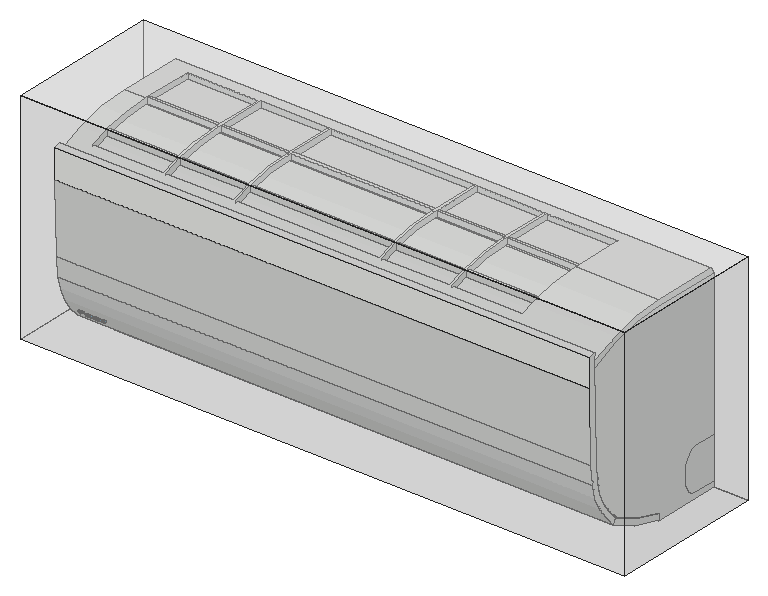
Revit family "outputfile", category 機械設備, Revit 2024
Family settings
  丸型コネクタ寸法 = 半径を使用
  パーツ タイプ = 標準
  OmniClass 番号 = 23.75.10.24.21.27.27
  OmniClass タイトル = Split System Air Conditioning Units
  作業面ベース = いいえ
  常に垂直 = はい
  ロード時にボイドで切り取り = いいえ
  注釈の向きを維持 = いいえ
  共有 = いいえ
  部屋計算ポイント = いいえ
Parameters (values of type "FTKF50T2VMA")
  Description = ""
  書き出し IFC クラス(タイプ) = "IfcUnitaryEquipmentType"
  定義済み IFC タイプ(タイプ) = "AIRCONDITIONINGUNIT"
  Cost = 0
  Type Comments = ""
  Keynote = ""
  Type Image = (empty or 0)
  Assembly Code = ""
  w_wall hole = if(Width = 770.0 mm, 48.0 mm, 60.0 mm)  # 48.0 mm
  製造元 = "Daikin"
  モデル = "FTKF50T2VMA"
  switch_frequency = yes
  r_Liquid Pipe Size = Liquid Pipe Size / 2  # 3.2 mm
  r_Gas Pipe Size = Gas Pipe Size / 2  # 6.35 mm
  r_Drain Pipe Size = Drain Pipe Size / 2  # 8.0 mm
  lw_powersupply [instance] = if(Width = 770.0 mm, if(or(Rear Right Connection_refrigerant, Bottom Right Connection_refrigerant), 25.0 mm, if(or(Rear Left Connection_refrigerant, Bottom Left Connection_refrigerant), 745.0 mm, 400.0 mm)), if(Width = 990.0 mm, if(or(Rear Right Connection_refrigerant, Bottom Right Connection_refrigerant), 40.0 mm, if(or(Rear Left Connection_refrigerant, Bottom Left Connection_refrigerant), 920.0 mm, 400.0 mm)), if(or(Rear Right Connection_refrigerant, Bottom Right Connection_refrigerant), 40.0 mm, if(or(Rear Left Connection_refrigerant, Bottom Left Connection_refrigerant), 920.0 mm, 400.0 mm))))  # 400.0 mm
  lw_liquidpipe [instance] = if(Width = 770.0 mm, if(or(Rear Right Connection_refrigerant, Bottom Right Connection_refrigerant), 0.0 mm, if(or(Rear Left Connection_refrigerant, Bottom Left Connection_refrigerant), 664.0 mm, 385.0 mm)), if(Width = 990.0 mm, if(or(Rear Right Connection_refrigerant, Bottom Right Connection_refrigerant), 0.0 mm, if(or(Rear Left Connection_refrigerant, Bottom Left Connection_refrigerant), 664.0 mm + (990.0 mm - 770.0 mm), 475.0 mm)), if(or(Rear Right Connection_refrigerant, Bottom Right Connection_refrigerant), 0.0 mm, if(or(Rear Left Connection_refrigerant, Bottom Left Connection_refrigerant), 664.0 mm + (990.0 mm - 770.0 mm), 475.0 mm))))  # 385.0 mm
  lw_gaspipe [instance] = if(Width = 770.0 mm, if(or(Rear Right Connection_refrigerant, Bottom Right Connection_refrigerant), 0.0 mm, if(or(Rear Left Connection_refrigerant, Bottom Left Connection_refrigerant), 675.0 mm, if(Gas Pipe Size = 12.7 mm, 345.0 mm, 335.0 mm))), if(Width = 990.0 mm, if(or(Rear Right Connection_refrigerant, Bottom Right Connection_refrigerant), 10.0 mm, if(or(Rear Left Connection_refrigerant, Bottom Left Connection_refrigerant), 890.0 mm, if(Gas Pipe Size = 15.9 mm, 400.0 mm, 400.0 mm))), if(or(Rear Right Connection_refrigerant, Bottom Right Connection_refrigerant), 10.0 mm, if(or(Rear Left Connection_refrigerant, Bottom Left Connection_refrigerant), 890.0 mm, if(Gas Pipe Size = 15.9 mm, 400.0 mm, 400.0 mm)))))  # 345.0 mm
  lw_drainpipe [instance] = if(Width = 770.0 mm, if(or(Rear Right Connection_refrigerant, Bottom Right Connection_refrigerant), 0.0 mm, if(or(Rear Left Connection_refrigerant, Bottom Left Connection_refrigerant), 770.0 mm - 48.0 mm - 48.0 mm, 440.0 mm)), if(Width = 990.0 mm, if(or(Rear Right Connection_refrigerant, Bottom Right Connection_refrigerant), 0.0 mm, if(or(Rear Left Connection_refrigerant, Bottom Left Connection_refrigerant), 675.0 mm + (990.0 mm - 770.0 mm), 435.0 mm)), if(or(Rear Right Connection_refrigerant, Bottom Right Connection_refrigerant), 0.0 mm, if(or(Rear Left Connection_refrigerant, Bottom Left Connection_refrigerant), 675.0 mm + (990.0 mm - 770.0 mm), 435.0 mm))))  # 440.0 mm
  l_powersupply_length [instance] = if(Width = 770.0 mm, if(Right Connection_refrigerant, 400.0 mm, if(Left Connection_refrigerant, 770.0 mm - 400.0 mm, if(or(Rear Left Connection_refrigerant, Rear Right Connection_refrigerant), 15.0 mm, 50.0 mm))), if(Width = 990.0 mm, if(Right Connection_refrigerant, 400.0 mm, if(Left Connection_refrigerant, 990.0 mm - 400.0 mm, if(or(Rear Left Connection_refrigerant, Rear Right Connection_refrigerant), 15.0 mm, 50.0 mm))), if(Right Connection_refrigerant, 400.0 mm, if(Left Connection_refrigerant, 990.0 mm - 400.0 mm, if(or(Rear Left Connection_refrigerant, Rear Right Connection_refrigerant), 15.0 mm, 50.0 mm)))))  # 400.0 mm
  l_liquidpipe_length [instance] = if(Width = 770.0 mm, if(Right Connection_refrigerant, 433.0 mm, if(Left Connection_refrigerant, 337.0 mm, if(or(Rear Left Connection_refrigerant, Rear Right Connection_refrigerant), 30.0 mm, 40.0 mm))), if(Width = 990.0 mm, if(Right Connection_refrigerant, 535.0 mm, if(Left Connection_refrigerant, 455.0 mm, if(or(Rear Left Connection_refrigerant, Rear Right Connection_refrigerant), 30.0 mm, 40.0 mm))), if(Right Connection_refrigerant, 535.0 mm, if(Left Connection_refrigerant, 455.0 mm, if(or(Rear Left Connection_refrigerant, Rear Right Connection_refrigerant), 30.0 mm, 40.0 mm)))))  # 433.0 mm
  l_gaspipe_length [instance] = if(Width = 770.0 mm, if(Right Connection_refrigerant, if(Gas Pipe Size = 12.7 mm, 393.0 mm, 383.0 mm), if(Left Connection_refrigerant, if(Gas Pipe Size = 12.7 mm, 770.0 mm - 393.0 mm, 770.0 mm - 383.0 mm), if(or(Rear Left Connection_refrigerant, Rear Right Connection_refrigerant), 40.0 mm, 50.0 mm))), if(Width = 990.0 mm, if(Right Connection_refrigerant, if(Gas Pipe Size = 15.9 mm, 460.0 mm, 460.0 mm), if(Left Connection_refrigerant, if(Gas Pipe Size = 15.9 mm, 990.0 mm - 460.0 mm, 990.0 mm - 460.0 mm), if(or(Rear Left Connection_refrigerant, Rear Right Connection_refrigerant), 40.0 mm, 50.0 mm))), if(Right Connection_refrigerant, if(Gas Pipe Size = 15.9 mm, 460.0 mm, 460.0 mm), if(Left Connection_refrigerant, if(Gas Pipe Size = 15.9 mm, 990.0 mm - 460.0 mm, 990.0 mm - 460.0 mm), if(or(Rear Left Connection_refrigerant, Rear Right Connection_refrigerant), 40.0 mm, 50.0 mm)))))  # 393.0 mm
  l_drainpipe_length [instance] = if(Width = 770.0 mm, if(Right Connection_refrigerant, 488.0 mm, if(Left Connection_refrigerant, 282.0 mm, if(or(Rear Left Connection_refrigerant, Rear Right Connection_refrigerant), 15.0 mm, 20.0 mm))), if(Width = 990.0 mm, if(Right Connection_refrigerant, 495.0 mm, if(Left Connection_refrigerant, 495.0 mm, if(or(Rear Left Connection_refrigerant, Rear Right Connection_refrigerant), 15.0 mm, 20.0 mm))), if(Right Connection_refrigerant, 495.0 mm, if(Left Connection_refrigerant, 495.0 mm, if(or(Rear Left Connection_refrigerant, Rear Right Connection_refrigerant), 15.0 mm, 20.0 mm)))))  # 488.0 mm
  h*** = 0.0 mm  # constant formula
  connector_voltage = Voltage_50Hz  # 230 V
  connector_powerinput = [Power Input (Cooling)]  # 0.000 kW
  connector_phase = Phase_50Hz  # 1
  angle_vertical [instance] = if(or(Bottom Left Connection_refrigerant, Bottom Right Connection_refrigerant), 0.00°, 90.00°)  # 90.00°
  angle_horizontal [instance] = if(Right Connection_refrigerant, 90.00°, if(Left Connection_refrigerant, -90.00°, if(or(Rear Left Connection_refrigerant, Rear Right Connection_refrigerant), 180.00°, 0.00°)))  # 90.00°
  Width = 770.0 mm
  Voltage_comment_50Hz = "220 - 240"
  Voltage_50Hz = 230 V
  Version = "ver.1.0"
  Unit Type = "Wall Mounted"
  Unit Mass Weight = 9.00 kg
  Unit Designation [instance] = ""
  Uniclass2015Version = "Products v1.30"
  Uniclass2015Title = "Split coil room air conditioning units"
  Uniclass2015Code = "Pr_70_65_03_86"
  URL = ""
  Total Cooling Capacity [instance] = 0.000 kW
  Sound Pressure Level_M speed (dBA) = 41
  Sound Pressure Level_L speed (dBA) = 35
  Sound Pressure Level_H speed (dBA) = 46
  Sound Power Level_H speed (dB) = 0
  Series = "Single Split_Fan Coil Unit"
  Sensible Cooling Capacity [instance] = 0.000 kW
  Refrigerant Type = "R32"
  Power Input (Cooling) = 0.000 kW
  Phase_50Hz = 1
  Option Accessory 3 [instance] = ""
  Option Accessory 2 [instance] = ""
  Option Accessory 1 [instance] = ""
  Nominal Cooling Capacity = 5.000 kW
  Minimum Circuit Amps_50Hz = 0.0 A
  Minimum Airflow = 516.00 m³/h
  Median Airflow = 636.00 m³/h
  Maximum Fuse Amps_50Hz = 0.0 A
  Maximum Airflow = 762.00 m³/h
  Material_Casing = DAIKIN_PureWhite_Casing_indoorunit
  Load Classification = HVAC
  Liquid Pipe Size = 6.4 mm
  Link_Nested Family [instance] = ""
  IfcVersion = ""
  IfcExportType = "AIRCONDITIONINGUNIT"
  IfcExportAs = "IfcUnitaryEquipmentType"
  Height = 285.0 mm
  Heat Exchanger Type = "Cross Fin Coil"
  Gas Pipe Size = 12.7 mm
  Frequency_50Hz = 50 Hz
  Fan Type = "Cross Flow Fan"
  Fan Drive = "Direct Drive"
  FCU Tag No. [instance] = ""
  Drain Pipe Size = 16.0 mm
  Design Supply Airflow [instance] = 0.00 m³/h
  Depth = 223.0 mm
  既定の高さ = 0.0 mm
  Cooling Entering Wet Bulb Temperature [instance] = 0.00 °C
  Cooling Entering Dry Bulb Temperature [instance] = 0.00 °C
  Cooling Ambient Wet Bulb Temperature [instance] = 0.00 °C
  Cooling Ambient Dry Bulb Temperature [instance] = 0.00 °C
  Clearance visibility [instance] = yes
  Clearance Top = 30.0 mm
  Clearance Right = 50.0 mm
  Clearance Rear = 0.0 mm
  Clearance Left = 50.0 mm
  Clearance Front = 0.0 mm
  Clearance Bottom = 0.0 mm
  Bottom Right Connection_refrigerant [instance] = no
  Bottom Left Connection_refrigerant [instance] = no
  Rear Right Connection_refrigerant [instance] = no
  Rear Left Connection_refrigerant [instance] = no
  Right Connection_refrigerant [instance] = yes
  Left Connection_refrigerant [instance] = no
Reference planes
  plane 1 "Back": y = 0
  plane 2: z = 0
  plane 3 "Center (Left/Right)": x = 0
  plane 4 "Center (Front/Back)": y = -111.5
  plane 5 "Front": y = -223
  plane 6 "Left": x = -385
  plane 7 "Right": x = 385
  plane 8 "Top": z = 0
  plane 9 "Bottom": z = -285
  plane 10: x = -435
  plane 11: x = 435
  plane 12: y = 0
  plane 13: y = -223
  plane 14: z = 30
  plane 15: z = -285
  plane 16 "lw_Piping and Wiring intake": x = 337
  plane 17 "lw_gaspipe": x = -8
  plane 18 "lw_liquidpipe": x = -48
  plane 19 "lw_drainpipe": x = -103
  plane 20 "lh_drainpipe": z = -265
  plane 21 "lh_liquidpipe": z = -245
  plane 22 "lh_gaspipe": z = -235
  plane 23 "ld_drainpipe": y = -15
  plane 24 "ld_liquidpipe": y = -30
  plane 25 "ld_gaspipe": y = -40
  plane 26 "lw_powersupply": x = -15
Dimensions and locks
  equal spacing: plane 6 "Left", plane 3 "Center (Left/Right)", plane 7 "Right"
  "Width": plane 6 "Left" to plane 7 "Right"
  equal spacing: plane 5 "Front", plane 4 "Center (Front/Back)", plane 1 "Back"
  "Depth": plane 5 "Front" to plane 1 "Back"
  "Height": plane 8 "Top" to plane 9 "Bottom"
  "Clearance Rear": plane 12 to plane 1 "Back"
  "Clearance Front": plane 13 to plane 5 "Front"
  "Clearance Top": plane 14 to plane 8 "Top"
  "Clearance Bottom": plane 9 "Bottom" to plane 15
  "w_wall hole": plane 16 "lw_Piping and Wiring intake" to plane 7 "Right"
  "lw_gaspipe": plane 17 "lw_gaspipe" to plane 16 "lw_Piping and Wiring intake"
  "lw_liquidpipe": plane 18 "lw_liquidpipe" to plane 16 "lw_Piping and Wiring intake"
  "lw_drainpipe": plane 19 "lw_drainpipe" to plane 16 "lw_Piping and Wiring intake"
  locked: plane 20 "lh_drainpipe" to plane 9 "Bottom" at 20
  locked: plane 21 "lh_liquidpipe" to plane 9 "Bottom" at 40
  locked: plane 22 "lh_gaspipe" to plane 9 "Bottom" at 50
  locked: plane 23 "ld_drainpipe" to plane 1 "Back" at 15
  locked: plane 1 "Back" to plane 24 "ld_liquidpipe" at 30
  locked: plane 1 "Back" to plane 25 "ld_gaspipe" at 40
  "lw_powersupply": plane 26 "lw_powersupply" to plane 7 "Right"
  "Clearance Left": plane 10 to plane 6 "Left"
  "Clearance Right": plane 7 "Right" to plane 11
  aligned and locked: level to plane 2
  aligned and locked: plane 12 to nested 1
  aligned and locked: nested 1 to plane 13
  aligned and locked: plane 10 to nested 1
  aligned and locked: plane 11 to nested 1
  aligned and locked: plane 15 to nested 1
  aligned and locked: plane 14 to nested 1
  aligned and locked: plane 17 "lw_gaspipe" to nested 2
  aligned and locked: nested 2 to plane 25 "ld_gaspipe"
  aligned and locked: plane 18 "lw_liquidpipe" to nested 3
  aligned and locked: nested 3 to plane 24 "ld_liquidpipe"
  aligned and locked: plane 19 "lw_drainpipe" to nested 4
  aligned and locked: nested 4 to plane 23 "ld_drainpipe"
  aligned and locked: nested 5 to plane 23 "ld_drainpipe"
  aligned and locked: plane 26 "lw_powersupply" to nested 5
  aligned and locked: level to plane 8 "Top"
  aligned and locked: plane 3 "Center (Left/Right)" to nested 6
  aligned and locked: plane 1 "Back" to nested 6
  aligned and locked: plane 8 "Top" to nested 6
Nested families
  nested 1: "daikin_clearancespace" at (0, -111.5, -127.381), show <- "Clearance visibility", visible <- "Clearance visibility", Link_Nested Family <- "Link_Nested Family", type "daikin_clearancespace"
    with width 870.0 mm, show yes, height 315.0 mm, depth 223.0 mm, Link_Nested Family ""
  nested 2: "daikin_connector_rotate3" at (-8, -40, -235), angle_vertical <- "angle_vertical", angle_horizontal <- "angle_horizontal", length <- "l_gaspipe_length", radius <- "r_Gas Pipe Size", type "daikin_connector_rotate3"
    with show no, radius 6.35 mm, length 393.0 mm, angle_vertical 90.00°, angle_horizontal 90.00°
  nested 3: "daikin_connector_rotate3" at (-48, -30, -245), angle_vertical <- "angle_vertical", angle_horizontal <- "angle_horizontal", radius <- "r_Liquid Pipe Size", length <- "l_liquidpipe_length", type "daikin_connector_rotate3"
    with show no, radius 3.2 mm, length 433.0 mm, angle_vertical 90.00°, angle_horizontal 90.00°
  nested 4: "daikin_connector_rotate3" at (-103, -15, -265), angle_vertical <- "angle_vertical", angle_horizontal <- "angle_horizontal", length <- "l_drainpipe_length", radius <- "r_Drain Pipe Size", type "daikin_connector_rotate3"
    with show no, radius 8.0 mm, length 488.0 mm, angle_vertical 90.00°, angle_horizontal 90.00°
  nested 5: "daikin_connector_rotate3" at (-15, -15, -235), angle_vertical <- "angle_vertical", angle_horizontal <- "angle_horizontal", length <- "l_powersupply_length", type "daikin_connector_rotate3"
    with show no, radius 10.0 mm, length 400.0 mm, angle_vertical 90.00°, angle_horizontal 90.00°
  nested 6: "DAIKIN_indoorunit_FTKF-T2VMA" at (-31, 0, 0), type "FTKF-T2VMA"
Connectors
  piping at (385, -40, -235), diameter 12.7, driven by "r_Gas Pipe Size"
    settings: on nested 2, index 1, connector inside diameter 609.6 mm, connector length 0.0 mm, flow factor 0, pipe flow 0.00 m³/h, pressure drop 0.0 Pa, fitting loss kfactor 0, connector angle 0.00°, fixture units 0, engagement length 0.0 mm, angle of deflection 0.00°, flow configuration 1, flow direction 2, fitting loss method 0, system type 29, joint type 0, gender type 0, connector reference index -1, connector utility 0, adjustable connector no, is connector primary yes, connector description "Refrigerant Gas Piping"
  piping at (385, -30, -245), diameter 6.4, driven by "r_Liquid Pipe Size"
    settings: on nested 3, index 2, connector inside diameter 609.6 mm, connector length 0.0 mm, flow factor 0, pipe flow 0.00 m³/h, pressure drop 0.0 Pa, fitting loss kfactor 0, connector angle 0.00°, fixture units 0, engagement length 0.0 mm, angle of deflection 0.00°, flow configuration 1, flow direction 1, fitting loss method 0, system type 29, joint type 0, gender type 0, connector reference index -1, connector utility 0, adjustable connector no, is connector primary no, connector description "Refrigerant Liquid Piping"
  piping at (385, -15, -265), diameter 16, driven by "r_Drain Pipe Size"
    settings: on nested 4, index 3, connector inside diameter 609.6 mm, connector length 0.0 mm, flow factor 0, pipe flow 0.00 m³/h, pressure drop 0.0 Pa, fitting loss kfactor 0, connector angle 0.00°, fixture units 0, engagement length 0.0 mm, angle of deflection 0.00°, flow configuration 1, flow direction 2, fitting loss method 4, system type 16, joint type 0, gender type 0, connector reference index -1, connector utility 0, adjustable connector no, is connector primary no, connector description "Condensate Drain Piping"
  electrical at (385, -15, -235), driven by "Load Classification", driven by "connector_voltage", driven by "connector_powerinput", driven by "connector_phase"
    settings: on nested 5, index 4, voltage 230 V, apparent load 0 VA, apparent load phase1 0 VA, apparent load phase2 0 VA, apparent load phase3 0 VA, power factor 1, load classification "HVAC", number of poles 1, system type 30, power factor state 1, is connector primary yes, connector utility no, sub classification motor no, connector description "Power Supply"
Definition of nested family "daikin_clearancespace"
  Parameters (values of type "daikin_clearancespace")
    Description = "daikin_clearancespace"
    width [instance] = 1823.963 mm
    show [instance] = yes
    material = none
    height [instance] = 1359.762 mm
    depth [instance] = 880.0 mm
    Default Elevation = 0.0 mm
    Link_Nested Family [instance] = ""
  Reference planes
    plane 1 "Center (Front/Back)": y = 0
    plane 2 "Center (Elevation)": z = -0.119
    plane 3 "Center (Left/Right)": x = 0
    plane 4: y = 440
    plane 5: y = -440
    plane 6 "Right": x = 911.982
    plane 7 "Left": x = -911.982
    plane 8 "Top": z = 679.762
    plane 9 "Bottom": z = -680
  Forms (mm)
    Extrusion 1, solid, material <- "material", visible <- "show"
      sketch origin (0, 0, 0) x (1, 0, 0) y (0, 1, 0)
        loop
          line (-911.982, 440) -> (-911.982, -440) -> (911.982, -440) -> (911.982, 440) -> (-911.982, 440)
      from -680 to 679.762
  Lines and regions (mm)
    symbolic lines, visible <- "show"
      curve 1: line (911.982, 440, 0) -> (-911.982, 440, 0)
      curve 2: line (-911.982, 440, 0) -> (-911.982, -440, 0)
      curve 3: line (-911.982, -440, 0) -> (911.982, -440, 0)
      curve 4: line (911.982, -440, 0) -> (911.982, 440, 0)
      curve 5: line (911.982, 0, 679.762) -> (-911.982, 0, 679.762)
      curve 6: line (911.982, 0, -680) -> (911.982, 0, 679.762)
      curve 7: line (-911.982, 0, -680) -> (911.982, 0, -680)
      curve 8: line (-911.982, 0, 679.762) -> (-911.982, 0, -680)
      curve 9: line (0, 440, 679.762) -> (0, -440, 679.762)
      curve 10: line (0, -440, 679.762) -> (0, -440, -680)
      curve 11: line (0, 440, -680) -> (0, 440, 679.762)
      curve 12: line (0, -440, -680) -> (0, 440, -680)
  Dimensions and locks
    "width": plane 7 "Left" to plane 6 "Right"
    "depth": plane 4 to plane 5
    "height": plane 8 "Top" to plane 9 "Bottom"
    equal spacing: plane 7 "Left", plane 3 "Center (Left/Right)", plane 6 "Right"
    equal spacing: plane 4, plane 1 "Center (Front/Back)", plane 5
    equal spacing: plane 8 "Top", plane 2 "Center (Elevation)", plane 9 "Bottom"
    aligned and locked: level to plane 2 "Center (Elevation)"
    aligned and locked: Extrusion 1 sketch curve to plane 4
    aligned and locked: plane 7 "Left" to Extrusion 1 sketch curve
    aligned and locked: Extrusion 1 sketch curve to plane 5
    aligned and locked: Extrusion 1 sketch curve to plane 6 "Right"
    aligned and locked: plane 8 "Top" to Extrusion 1
    aligned and locked: curve 1 to Extrusion 1
    aligned and locked: curve 2 to Extrusion 1
    aligned and locked: curve 3 to Extrusion 1
    aligned and locked: curve 4 to Extrusion 1
    aligned and locked: curve 5 to Extrusion 1
    aligned and locked: curve 6 to Extrusion 1
    aligned and locked: curve 7 to Extrusion 1
    aligned and locked: curve 8 to Extrusion 1
    aligned and locked: curve 9 to Extrusion 1
    aligned and locked: curve 10 to Extrusion 1
    aligned and locked: curve 11 to Extrusion 1
    aligned and locked: curve 12 to Extrusion 1
    aligned and locked: Extrusion 1 to plane 9 "Bottom"
Definition of nested family "DAIKIN_indoorunit_FTKF-T2VMA"
  Parameters (values of type "FTKF-TVMA")
    switch_unit1_60-71 = Width = 990.0 mm  # no
    switch_unit1_20-50 = Width = 770.0 mm  # yes
    Width = 770.0 mm
    WALL HOLE-R = if(Width = 770.0 mm, 48.0 mm, 60.0 mm)  # 48.0 mm
    WALL HOLE Size = if(Width = 770.0 mm, 65.0 mm, 80.0 mm)  # 65.0 mm
    Material_Casing = none
    Height = if(Width = 770.0 mm, 285.0 mm, 295.0 mm)  # 285.0 mm
    Default Elevation = 0.0 mm
  Reference planes
    plane 1 "Center (Front/Back)": y = 0
    plane 2 "reference_level": z = 0
    plane 3 "Center (Left/Right)": x = 31
    plane 4: x = -354
    plane 5: x = 416
    plane 6: z = -285
  Forms (mm)
    Extrusion 1, solid, material <- "Material_Casing", visible <- "switch_unit1_20-50"
      sketch origin (29, 0, 0) x (0, 1, 0) y (0, 0, 1)
        loop
          line (-5, 0) -> (-98, 0)
          arc (-98, 0) -> (-157.611, -7.211) -> (-213.783, -28.427) r 250
          arc (-213.783, -28.427) -> (-213.842, -32.972) -> (-213.892, -37.516) r 2191
          arc (-213.892, -37.516) -> (-157.832, -15.495) -> (-98.07, -8) r 242
          line (-98.07, -8) -> (0, -8) -> (-5, 0)
      from -383 to 387
    Extrusion 2, solid, material <- "Material_Casing", visible <- "switch_unit1_20-50"
      sketch origin (416, 1296.25, 1200) x (0, 1, 0) y (0, 0, 1)
        loop
          line (-1472.998, -1446.91) -> (-1476.998, -1453.839)
          arc (-1476.998, -1453.839) -> (-1437.481, -1472.422) -> (-1395.25, -1483.538) r 240
          line (-1395.25, -1483.538) -> (-1395.25, -1475.422)
          arc (-1395.25, -1475.422) -> (-1435.407, -1464.663) -> (-1472.998, -1446.91) r 232
      from 0 to -47.5
    Extrusion 3, solid, material <- "Material_Casing", visible <- "switch_unit1_20-50"
      sketch origin (29, 0, 0) x (0, 1, 0) y (0, 0, 1)
        loop
          arc (-223, -60.455) -> (-222.414, -110.646) -> (-220.656, -160.81) r 2149.92
          arc (-220.656, -160.81) -> (-219.65, -174.299) -> (-217.853, -187.706) r 229.911
          arc (-217.853, -187.706) -> (-205.371, -223.594) -> (-181.517, -253.17) r 111
          line (-181.517, -253.17) -> (-177.429, -246.093)
          arc (-177.429, -246.093) -> (-198.77, -218.989) -> (-209.965, -186.36) r 103
          arc (-209.965, -186.36) -> (-211.681, -173.586) -> (-212.651, -160.735) r 221.844
          arc (-212.651, -160.735) -> (-214.739, -93.233) -> (-214.74, -25.699) r 2186.828
          arc (-214.74, -25.699) -> (-214.671, -21.467) -> (-214.594, -17.235) r 2192
          line (-214.594, -17.235) -> (-223, -19.961) -> (-223, -60.455)
      from -383 to 387
    Extrusion 4, solid, material <- "Material_Casing", visible <- "switch_unit1_20-50"
      sketch origin (29, 0, -20) x (0, 1, 0) y (0, 0, 1)
        loop
          line (0, -265) -> (0, 12) -> (-98.07, 12)
          arc (-98.07, 12) -> (-157.832, 4.505) -> (-213.892, -17.516) r 242
          arc (-213.892, -17.516) -> (-213.638, -79.114) -> (-211.653, -140.681) r 2191
          arc (-211.653, -140.681) -> (-210.685, -153.501) -> (-208.973, -166.243) r 221
          arc (-208.973, -166.243) -> (-197.471, -199.282) -> (-175.482, -226.491) r 102
          arc (-175.482, -226.491) -> (-138.004, -244.019) -> (-98, -254.579) r 231
          line (-98, -254.579) -> (-98, -265) -> (0, -265)
      from -383 to 387
    Extrusion 5, solid, material <- "Material_Casing", visible <- "switch_unit1_20-50"
      sketch origin (-354, 1296.25, 1200) x (0, 1, 0) y (0, 0, 1)
        loop
          line (-1472.998, -1446.91) -> (-1476.998, -1453.839)
          arc (-1476.998, -1453.839) -> (-1437.481, -1472.422) -> (-1395.25, -1483.538) r 240
          line (-1395.25, -1483.538) -> (-1395.25, -1475.422)
          arc (-1395.25, -1475.422) -> (-1435.407, -1464.663) -> (-1472.998, -1446.91) r 232
      from 47 to 0
    Extrusion 6, solid, material <- "Material_Casing", visible <- "switch_unit1_20-50"
      sketch origin (416, 1296.25, 1200) x (0, 1, 0) y (0, 0, 1)
        loop
          line (-1472.998, -1446.91) -> (-1476.998, -1453.839)
          arc (-1476.998, -1453.839) -> (-1443.437, -1470.168) -> (-1407.75, -1481.097) r 240
          line (-1407.75, -1481.097) -> (-1407.75, -1472.894)
          arc (-1407.75, -1472.894) -> (-1441.363, -1462.385) -> (-1472.998, -1446.91) r 232
      from -116.993 to -48.493
    Extrusion 7, solid, material <- "Material_Casing", visible <- "switch_unit1_20-50"
      sketch origin (416, 1296.25, 1200) x (0, 1, 0) y (0, 0, 1)
        loop
          line (-1472.998, -1446.91) -> (-1476.998, -1453.839)
          arc (-1476.998, -1453.839) -> (-1443.437, -1470.168) -> (-1407.75, -1481.097) r 240
          line (-1407.75, -1481.097) -> (-1407.75, -1472.894)
          arc (-1407.75, -1472.894) -> (-1441.363, -1462.385) -> (-1472.998, -1446.91) r 232
      from -717 to -121.993
    Extrusion 8, void
      sketch origin (31, 0, -235) x (1, 0, 0) y (0, 1, 0)
        loop
          line (-252.674, -22.316) -> (-354.941, -22.316) -> (-354.941, -91.341) -> (-252.674, -91.341) -> (-252.674, -22.316)
        loop
          line (-249.341, -91.341) -> (-151.574, -91.341) -> (-151.574, -22.316) -> (-249.341, -22.316) -> (-249.341, -91.341)
        loop
          line (58.309, -22.316) -> (-148.309, -22.316) -> (-148.309, -91.341) -> (58.309, -91.341) -> (58.309, -22.316)
        loop
          line (61.689, -22.316) -> (61.689, -91.341) -> (159.457, -91.341) -> (159.457, -22.316) -> (61.689, -22.316)
        loop
          line (162.789, -22.316) -> (162.789, -91.341) -> (265.057, -91.341) -> (265.057, -22.316) -> (162.789, -22.316)
        loop
          line (-354.941, -94.659) -> (-354.941, -165.259) -> (-252.674, -165.259) -> (-252.674, -94.659) -> (-354.941, -94.659)
        loop
          line (-249.341, -94.659) -> (-249.341, -165.259) -> (-151.574, -165.259) -> (-151.574, -94.659) -> (-249.341, -94.659)
        loop
          line (-148.309, -94.659) -> (-148.309, -165.259) -> (58.309, -165.259) -> (58.309, -94.659) -> (-148.309, -94.659)
        loop
          line (61.689, -94.659) -> (61.689, -165.259) -> (159.457, -165.259) -> (159.457, -94.659) -> (61.689, -94.659)
        loop
          line (162.789, -94.659) -> (162.789, -165.259) -> (265.057, -165.259) -> (265.057, -94.659) -> (162.789, -94.659)
        loop
          line (-354.941, -167.382) -> (-354.941, -192.681) -> (-252.674, -192.681) -> (-252.674, -167.382) -> (-354.941, -167.382)
        loop
          line (-249.341, -167.382) -> (-249.341, -192.681) -> (-151.574, -192.681) -> (-151.574, -167.382) -> (-249.341, -167.382)
        loop
          line (-148.309, -167.382) -> (-148.309, -192.681) -> (58.309, -192.681) -> (58.309, -167.382) -> (-148.309, -167.382)
        loop
          line (159.457, -167.382) -> (61.689, -167.382) -> (61.689, -192.681) -> (159.457, -192.681) -> (159.457, -167.382)
        loop
          line (265.057, -167.382) -> (162.789, -167.382) -> (162.789, -192.681) -> (265.057, -192.681) -> (265.057, -167.382)
      from 201.638 to 250
    Extrusion 9, solid, material <- "Material_Casing"
      sketch origin (31, 0, 0) x (1, 0, 0) y (0, 0, 1)
        loop
          circle (337, -240.5) r 32.5
        loop
          circle (-337, -240.5) r 32.5
      from 0 to 5
    Extrusion 10, solid, material <- "Material_Casing", visible <- "switch_unit1_20-50"
      sketch origin (416, 1296.25, 1200) x (0, -1, 0) y (0, 0, 1)
        loop
          line (1326.25, -1417) -> (1296.25, -1417) -> (1296.25, -1477) -> (1326.25, -1477)
          arc (1326.25, -1477) -> (1340.393, -1471.142) -> (1346.25, -1457) r 20
          line (1346.25, -1457) -> (1346.25, -1437)
          arc (1346.25, -1437) -> (1340.393, -1422.858) -> (1326.25, -1417) r 20
      from 0 to 5
    Extrusion 11, solid, material <- "Material_Casing", visible <- "switch_unit1_20-50"
      sketch origin (-354, 1296.25, 1200) x (0, 1, 0) y (0, 0, 1)
        loop
          line (-1296.25, -1417) -> (-1326.25, -1417)
          arc (-1326.25, -1417) -> (-1340.393, -1422.858) -> (-1346.25, -1437) r 20
          line (-1346.25, -1437) -> (-1346.25, -1457)
          arc (-1346.25, -1457) -> (-1340.393, -1471.142) -> (-1326.25, -1477) r 20
          line (-1326.25, -1477) -> (-1296.25, -1477) -> (-1296.25, -1417)
      from 0 to 5
    Extrusion 12, solid, material <- "Material_Casing", visible <- "switch_unit1_20-50"
      sketch origin (31, 0, -285) x (-1, 0, 0) y (0, -1, 0)
        loop
          line (-314, 0) -> (-314, 30)
          arc (-314, 30) -> (-319.858, 44.142) -> (-334, 50) r 20
          line (-334, 50) -> (-354, 50)
          arc (-354, 50) -> (-368.142, 44.142) -> (-374, 30) r 20
          line (-374, 30) -> (-374, 0) -> (-314, 0)
        loop
          line (374, 0) -> (374, 30)
          arc (374, 30) -> (368.142, 44.142) -> (354, 50) r 20
          line (354, 50) -> (334, 50)
          arc (334, 50) -> (319.858, 44.142) -> (314, 30) r 20
          line (314, 30) -> (314, 0) -> (374, 0)
      from 0 to 5
    Extrusion 13, solid, material <- "Material_Casing", visible <- "switch_unit1_60-71"
      sketch origin (31, 0, 0) x (0, 1, 0) y (0, 0, 1)
        loop
          line (-5, 0) -> (-138, 0)
          arc (-138, 0) -> (-197.611, -7.211) -> (-253.783, -28.427) r 250
          arc (-253.783, -28.427) -> (-253.838, -32.687) -> (-253.886, -36.946) r 2191
          arc (-253.886, -36.946) -> (-197.73, -15.346) -> (-138.014, -8) r 246.393
          line (-138.014, -8) -> (0, -8) -> (-5, 0)
      from -495 to 495
    Extrusion 14, solid, material <- "Material_Casing", visible <- "switch_unit1_60-71"
      sketch origin (418, 1296.25, 1200) x (0, 1, 0) y (0, 0, 1)
        loop
          arc (-1515.208, -1454.149) -> (-1506.856, -1460.599) -> (-1497.925, -1466.219) r 110
          arc (-1497.925, -1466.219) -> (-1445.718, -1487.493) -> (-1389.844, -1494.995) r 223
          line (-1389.844, -1494.995) -> (-1389.844, -1486.086) -> (-1404.386, -1486.086)
          arc (-1404.386, -1486.086) -> (-1449.542, -1477.46) -> (-1491.818, -1459.402) r 214.289
          arc (-1491.818, -1459.402) -> (-1501.056, -1453.541) -> (-1509.606, -1446.715) r 101
          line (-1509.606, -1446.715) -> (-1515.208, -1454.149)
      from 108 to 57.5
    Extrusion 15, solid, material <- "Material_Casing", visible <- "switch_unit1_60-71"
      sketch origin (31, 0, 0) x (0, 1, 0) y (0, 0, 1)
        loop
          line (-263, -19.962) -> (-263, -61.6)
          arc (-263, -61.6) -> (-262.414, -110.219) -> (-260.656, -158.81) r 2017.341
          arc (-260.656, -158.81) -> (-255.648, -191.935) -> (-244.041, -223.362) r 164.725
          arc (-244.041, -223.362) -> (-233.569, -239.793) -> (-219.717, -253.495) r 87.379
          line (-219.717, -253.495) -> (-214.706, -246.846)
          arc (-214.706, -246.846) -> (-229.564, -230.029) -> (-240.385, -210.371) r 102
          arc (-240.385, -210.371) -> (-249.049, -182.962) -> (-252.848, -154.467) r 165.789
          arc (-252.848, -154.467) -> (-254.771, -90.102) -> (-254.74, -25.708) r 2122.533
          arc (-254.74, -25.708) -> (-254.671, -21.469) -> (-254.594, -17.23) r 2192
          line (-254.594, -17.23) -> (-263, -19.962)
      from -495 to 495
    Extrusion 16, void
      sketch origin (33, 0, 0) x (1, 0, 0) y (0, 1, 0)
        loop
          line (-466.909, -22.316) -> (-466.909, -111.341) -> (-366.303, -111.341) -> (-366.303, -22.316) -> (-466.909, -22.316)
        loop
          line (-362.71, -22.316) -> (-362.71, -111.341) -> (-262.103, -111.341) -> (-262.103, -22.316) -> (-362.71, -22.316)
        loop
          line (-258.51, -22.316) -> (-258.51, -111.341) -> (-157.904, -111.341) -> (-157.904, -22.316) -> (-258.51, -22.316)
        loop
          line (-154.31, -22.316) -> (-154.31, -111.341) -> (-53.704, -111.341) -> (-53.704, -22.316) -> (-154.31, -22.316)
        loop
          line (-50.11, -22.316) -> (-50.11, -111.341) -> (50.496, -111.341) -> (50.496, -22.316) -> (-50.11, -22.316)
        loop
          line (54.089, -22.316) -> (54.089, -111.341) -> (154.696, -111.341) -> (154.696, -22.316) -> (54.089, -22.316)
        loop
          line (158.289, -22.316) -> (158.289, -111.341) -> (258.895, -111.341) -> (258.895, -22.316) -> (158.289, -22.316)
        loop
          line (262.489, -22.316) -> (262.489, -111.341) -> (363.095, -111.341) -> (363.095, -22.316) -> (262.489, -22.316)
        loop
          line (-466.909, -114.459) -> (-466.909, -185.059) -> (-366.303, -185.059) -> (-366.303, -114.459) -> (-466.909, -114.459)
        loop
          line (-362.71, -114.459) -> (-362.71, -185.059) -> (-262.103, -185.059) -> (-262.103, -114.459) -> (-362.71, -114.459)
        loop
          line (-258.51, -114.459) -> (-258.51, -185.059) -> (-157.904, -185.059) -> (-157.904, -114.459) -> (-258.51, -114.459)
        loop
          line (-154.31, -114.459) -> (-154.31, -185.059) -> (-53.704, -185.059) -> (-53.704, -114.459) -> (-154.31, -114.459)
        loop
          line (-50.11, -114.459) -> (-50.11, -185.059) -> (50.496, -185.059) -> (50.496, -114.459) -> (-50.11, -114.459)
        loop
          line (54.089, -114.459) -> (54.089, -185.059) -> (154.696, -185.059) -> (154.696, -114.459) -> (54.089, -114.459)
        loop
          line (158.289, -114.459) -> (158.289, -185.059) -> (258.895, -185.059) -> (258.895, -114.459) -> (158.289, -114.459)
        loop
          line (262.489, -114.459) -> (262.489, -185.059) -> (363.095, -185.059) -> (363.095, -114.459) -> (262.489, -114.459)
        loop
          line (-466.909, -187.382) -> (-466.909, -232.681) -> (-366.303, -232.681) -> (-366.303, -187.382) -> (-466.909, -187.382)
        loop
          line (-362.71, -187.382) -> (-362.71, -232.681) -> (-262.103, -232.681) -> (-262.103, -187.382) -> (-362.71, -187.382)
        loop
          line (-258.51, -187.382) -> (-258.51, -232.681) -> (-157.904, -232.681) -> (-157.904, -187.382) -> (-258.51, -187.382)
        loop
          line (-154.31, -187.382) -> (-154.31, -232.681) -> (-53.704, -232.681) -> (-53.704, -187.382) -> (-154.31, -187.382)
        loop
          line (-50.11, -187.382) -> (-50.11, -232.681) -> (50.496, -232.681) -> (50.496, -187.382) -> (-50.11, -187.382)
        loop
          line (54.089, -187.382) -> (54.089, -232.681) -> (154.696, -232.681) -> (154.696, -187.382) -> (54.089, -187.382)
        loop
          line (158.289, -187.382) -> (158.289, -232.681) -> (258.895, -232.681) -> (258.895, -187.382) -> (158.289, -187.382)
        loop
          line (262.489, -187.382) -> (262.489, -232.681) -> (363.095, -232.681) -> (363.095, -187.382) -> (262.489, -187.382)
      from -40.013 to 47.268
    Extrusion 17, solid, material <- "Material_Casing", visible <- "switch_unit1_60-71"
      sketch origin (-356, 1296.25, 1200) x (0, 1, 0) y (0, 0, -1)
        loop
          line (-1515.208, 1454.149) -> (-1509.606, 1446.715)
          arc (-1509.606, 1446.715) -> (-1501.056, 1453.541) -> (-1491.818, 1459.402) r 101
          arc (-1491.818, 1459.402) -> (-1449.542, 1477.46) -> (-1404.386, 1486.086) r 214.289
          line (-1404.386, 1486.086) -> (-1389.844, 1486.086) -> (-1389.844, 1494.995)
          arc (-1389.844, 1494.995) -> (-1445.718, 1487.493) -> (-1497.925, 1466.219) r 223
          arc (-1497.925, 1466.219) -> (-1506.856, 1460.599) -> (-1515.208, 1454.149) r 110
      from 108 to 61
    Extrusion 18, solid, material <- "Material_Casing", visible <- "switch_unit1_60-71"
      sketch origin (418, 1296.25, 1200) x (0, 1, 0) y (0, 0, 1)
        loop
          arc (-1515.208, -1454.149) -> (-1506.856, -1460.599) -> (-1497.925, -1466.219) r 110
          arc (-1497.925, -1466.219) -> (-1463.185, -1482.066) -> (-1426.25, -1491.755) r 223
          line (-1426.25, -1491.755) -> (-1426.25, -1483.166)
          arc (-1426.25, -1483.166) -> (-1460.008, -1473.969) -> (-1491.818, -1459.402) r 214.289
          arc (-1491.818, -1459.402) -> (-1501.056, -1453.541) -> (-1509.606, -1446.715) r 101
          line (-1509.606, -1446.715) -> (-1515.208, -1454.149)
      from 56.5 to -36.993
    Extrusion 19, solid, material <- "Material_Casing", visible <- "switch_unit1_60-71"
      sketch origin (418, 1296.25, 1200) x (0, 1, 0) y (0, 0, 1)
        loop
          arc (-1426.25, -1483.166) -> (-1443.442, -1479.224) -> (-1460.25, -1473.881) r 214.289
          line (-1460.25, -1473.881) -> (-1460.25, -1483.089)
          arc (-1460.25, -1483.089) -> (-1443.421, -1488.091) -> (-1426.25, -1491.755) r 223
          line (-1426.25, -1491.755) -> (-1426.25, -1483.166)
      from -43.493 to -828.893
    Extrusion 20, solid, material <- "Material_Casing", visible <- "switch_unit1_60-71"
      sketch origin (418, 1296.25, 1200) x (0, 1, 0) y (0, 0, 1)
        loop
          arc (-1515.208, -1454.149) -> (-1506.856, -1460.599) -> (-1497.925, -1466.219) r 110
          arc (-1497.925, -1466.219) -> (-1479.479, -1475.527) -> (-1460.25, -1483.089) r 223
          line (-1460.25, -1483.089) -> (-1460.25, -1473.881)
          arc (-1460.25, -1473.881) -> (-1476.328, -1467.282) -> (-1491.818, -1459.402) r 214.289
          arc (-1491.818, -1459.402) -> (-1501.056, -1453.541) -> (-1509.606, -1446.715) r 101
          line (-1509.606, -1446.715) -> (-1515.208, -1454.149)
      from -43.493 to -828.893
    Extrusion 21, solid, material <- "Material_Casing", visible <- "switch_unit1_60-71"
      sketch origin (31, 0, -30) x (0, 1, 0) y (0, 0, 1)
        loop
          line (0, 22) -> (-138.014, 22)
          arc (-138.014, 22) -> (-197.73, 14.654) -> (-253.886, -6.946) r 246.393
          arc (-253.886, -6.946) -> (-253.682, -65.635) -> (-251.855, -124.295) r 2120.935
          arc (-251.855, -124.295) -> (-248.086, -152.682) -> (-239.461, -179.988) r 164.789
          arc (-239.461, -179.988) -> (-228.903, -199.231) -> (-214.437, -215.738) r 101
          line (-214.437, -215.738) -> (-212.406, -216.221)
          arc (-212.406, -216.221) -> (-204.07, -222.837) -> (-195.079, -228.53) r 100
          arc (-195.079, -228.53) -> (-145.557, -248.629) -> (-92.593, -255.785) r 213.289
          line (-92.593, -255.785) -> (-92.593, -265) -> (0, -265) -> (0, 22)
      from -495 to 495
    Extrusion 22, solid, material <- "Material_Casing", visible <- "switch_unit1_60-71"
      sketch origin (526, 1296.25, 1200) x (0, -1, 0) y (0, 0, 1)
        loop
          line (1326.25, -1427.035) -> (1296.25, -1427.035) -> (1296.25, -1487.035) -> (1326.25, -1487.035)
          arc (1326.25, -1487.035) -> (1340.393, -1481.177) -> (1346.25, -1467.035) r 20
          line (1346.25, -1467.035) -> (1346.25, -1447.035)
          arc (1346.25, -1447.035) -> (1340.393, -1432.892) -> (1326.25, -1427.035) r 20
      from 0 to 5
    Extrusion 23, solid, material <- "Material_Casing", visible <- "switch_unit1_60-71"
      sketch origin (-459, 1296.25, 1200) x (0, -1, 0) y (0, 0, 1)
        loop
          line (1326.25, -1427.035) -> (1296.25, -1427.035) -> (1296.25, -1487.035) -> (1326.25, -1487.035)
          arc (1326.25, -1487.035) -> (1340.393, -1481.177) -> (1346.25, -1467.035) r 20
          line (1346.25, -1467.035) -> (1346.25, -1447.035)
          arc (1346.25, -1447.035) -> (1340.393, -1432.892) -> (1326.25, -1427.035) r 20
      from 0 to 5
    Extrusion 24, solid, material <- "Material_Casing", visible <- "switch_unit1_60-71"
      sketch origin (31, 200, -295) x (-1, 0, 0) y (0, -1, 0)
        loop
          line (469, 200) -> (469, 230)
          arc (469, 230) -> (463.142, 244.142) -> (449, 250) r 20
          line (449, 250) -> (429, 250)
          arc (429, 250) -> (414.858, 244.142) -> (409, 230) r 20
          line (409, 230) -> (409, 200) -> (469, 200)
        loop
          line (-469, 200) -> (-409, 200) -> (-409, 230)
          arc (-409, 230) -> (-414.858, 244.142) -> (-429, 250) r 20
          line (-429, 250) -> (-449, 250)
          arc (-449, 250) -> (-463.142, 244.142) -> (-469, 230) r 20
          line (-469, 230) -> (-469, 200)
      from 0 to 5
  Cuts and joins
    Extrusion 8 cuts Extrusion 1
    Extrusion 16 cuts Extrusion 13
  Lines and regions (mm)
    reference lines
      curve 1: line (-523, -201.911, -229.404) -> (-523, -193.542, -239.977)
      curve 2: line (-523, -240.779, -229.404) -> (-523, -232.411, -239.977)
  Dimensions and locks
    locked: Extrusion 10 sketch curve to Extrusion 10 sketch curve at 60
    locked: Extrusion 10 sketch curve to Extrusion 10 sketch curve at 50
    locked: Extrusion 12 sketch curve to Extrusion 12 sketch curve at 60  (x2)
    locked: Extrusion 12 sketch curve to Extrusion 12 sketch curve at 50
    equal spacing: plane 5, plane 3 "Center (Left/Right)", plane 4
    "Width": plane 5 to plane 4
    locked: Extrusion 9 sketch curve to plane 4 at 48
    "WALL HOLE-R": plane 5 to Extrusion 9 sketch curve
    "Height": plane 2 "reference_level" to plane 6
    locked: Extrusion 9 sketch curve to plane 6 at 44.5  (x2)
    locked: Extrusion 15 to nested 2 at 15
    locked: Extrusion 22 sketch curve to Extrusion 22 sketch curve at 60
    locked: Extrusion 22 sketch curve to Extrusion 22 sketch curve at 50
    locked: Extrusion 23 sketch curve to Extrusion 23 sketch curve at 60
    locked: Extrusion 23 sketch curve to Extrusion 23 sketch curve at 50
    locked: Extrusion 24 sketch curve to Extrusion 24 sketch curve at 60  (x2)
    locked: Extrusion 24 sketch curve to Extrusion 24 sketch curve at 50  (x2)
    "WALL HOLE Size": diameter of Extrusion 9 sketch curve  (x2)
    aligned and locked: level to plane 2 "reference_level"
    aligned and locked: nested 1 to curve 1
    aligned and locked: Extrusion 11 sketch curve to Extrusion 10  (x4)
    aligned and locked: Extrusion 12 sketch curve to Extrusion 12 sketch curve  (x2)
    aligned and locked: Extrusion 9 to plane 1 "Center (Front/Back)"
    aligned and locked: nested 2 to curve 2
  Automatic sketch dimensions
    curve 1 to level = 239.977 mm
    plane 1 "Center (Front/Back)" to curve 1 = 193.542 mm
    curve 2 to curve 1 = 0.0 mm
    curve 2 to curve 2 = 10.573 mm
    curve 1 to curve 1 = 10.573 mm
    curve 1 to curve 1 = 8.368 mm
    curve 1 to curve 2 = 30.5 mm
    curve 2 to curve 2 = 8.368 mm
    Extrusion 1 sketch curve to level = 0.0 mm
    Extrusion 1 sketch curve to plane 1 "Center (Front/Back)" = 0.0 mm
    plane 1 "Center (Front/Back)" to Extrusion 1 sketch curve = 5.0 mm
    plane 1 "Center (Front/Back)" to Extrusion 1 sketch curve = 98.0 mm
    Extrusion 1 sketch curve to Extrusion 1 sketch curve = 0.07 mm
    Extrusion 1 sketch curve to level = 59.292 mm
    Extrusion 1 sketch curve to plane 1 "Center (Front/Back)" = 1977.0 mm
    Extrusion 1 sketch curve to level = 250.0 mm
    Extrusion 1 sketch curve to Extrusion 1 sketch curve = 0.0 mm
    Extrusion 1 sketch curve to level = 8.0 mm
    Extrusion 1 sketch curve to level = 28.427 mm
    plane 1 "Center (Front/Back)" to Extrusion 2 sketch curve = 180.748 mm
    Extrusion 2 sketch curve to Extrusion 2 sketch curve = 4.0 mm
    Extrusion 2 sketch curve to Extrusion 2 sketch curve = 77.747 mm
    plane 1 "Center (Front/Back)" to Extrusion 2 sketch curve = 59.279 mm
    Extrusion 2 sketch curve to Extrusion 2 sketch curve = 0.0 mm
    Extrusion 2 sketch curve to level = 283.538 mm
    Extrusion 2 sketch curve to Extrusion 2 sketch curve = 8.116 mm
    Extrusion 2 sketch curve to Extrusion 2 sketch curve = 21.583 mm
    Extrusion 2 sketch curve to Extrusion 2 sketch curve = 6.929 mm
    Extrusion 3 sketch curve to level = 19.961 mm
    plane 1 "Center (Front/Back)" to Extrusion 3 sketch curve = 223.0 mm
    Extrusion 3 sketch curve to level = 17.235 mm
    Extrusion 3 sketch curve to Extrusion 3 sketch curve = 8.406 mm
    plane 1 "Center (Front/Back)" to Extrusion 3 sketch curve = 181.517 mm
    Extrusion 3 sketch curve to Extrusion 3 sketch curve = 4.087 mm
    Extrusion 3 sketch curve to Extrusion 3 sketch curve = 69.11 mm
    Extrusion 3 sketch curve to Extrusion 3 sketch curve = 0.001 mm
    Extrusion 3 sketch curve to plane 1 "Center (Front/Back)" = 8.955 mm
    Extrusion 3 sketch curve to Extrusion 3 sketch curve = 0.067 mm
    Extrusion 3 sketch curve to level = 60.455 mm
    Extrusion 3 sketch curve to Extrusion 3 sketch curve = 1917.898 mm
    Extrusion 3 sketch curve to Extrusion 3 sketch curve = 44.907 mm
    Extrusion 3 sketch curve to Extrusion 3 sketch curve = 5.172 mm
    Extrusion 3 sketch curve to level = 150.456 mm
    Extrusion 3 sketch curve to Extrusion 3 sketch curve = 0.006 mm
    Extrusion 3 sketch curve to Extrusion 3 sketch curve = 19.265 mm
    Extrusion 3 sketch curve to Extrusion 3 sketch curve = 0.004 mm
    Extrusion 3 sketch curve to Extrusion 3 sketch curve = 76.368 mm
    Extrusion 3 sketch curve to Extrusion 3 sketch curve = 7.077 mm
    Extrusion 3 sketch curve to Extrusion 3 sketch curve = 1.002 mm
    Extrusion 3 sketch curve to Extrusion 3 sketch curve = 0.046 mm
    Extrusion 3 sketch curve to Extrusion 3 sketch curve = 8.005 mm
    Extrusion 3 sketch curve to Extrusion 3 sketch curve = 0.147 mm
    Extrusion 3 sketch curve to Extrusion 3 sketch curve = 0.0 mm
    Extrusion 4 sketch curve to plane 1 "Center (Front/Back)" = 0.0 mm
    plane 1 "Center (Front/Back)" to Extrusion 4 sketch curve = 59.278 mm
    Extrusion 4 sketch curve to Extrusion 4 sketch curve = 98.0 mm
    Extrusion 4 sketch curve to Extrusion 4 sketch curve = 0.0 mm  (x3)
    Extrusion 4 sketch curve to level = 8.0 mm
    Extrusion 4 sketch curve to Extrusion 4 sketch curve = 38.791 mm
    Extrusion 4 sketch curve to Extrusion 4 sketch curve = 10.249 mm
    Extrusion 4 sketch curve to plane 1 "Center (Front/Back)" = 9.11 mm
    Extrusion 4 sketch curve to level = 59.292 mm
    Extrusion 4 sketch curve to Extrusion 4 sketch curve = 1967.89 mm
    Extrusion 4 sketch curve to Extrusion 4 sketch curve = 142.454 mm
    Extrusion 4 sketch curve to Extrusion 4 sketch curve = 19.271 mm
    Extrusion 4 sketch curve to Extrusion 4 sketch curve = 80.275 mm
    Extrusion 4 sketch curve to Extrusion 4 sketch curve = 24.579 mm
    Extrusion 4 sketch curve to Extrusion 4 sketch curve = 10.421 mm
    Extrusion 4 sketch curve to level = 46.847 mm
    Extrusion 4 sketch curve to Extrusion 4 sketch curve = 77.412 mm
    Extrusion 4 sketch curve to Extrusion 4 sketch curve = 33.49 mm
    Extrusion 4 sketch curve to Extrusion 4 sketch curve = 2.68 mm
    plane 1 "Center (Front/Back)" to Extrusion 5 sketch curve = 180.748 mm
    Extrusion 5 sketch curve to Extrusion 5 sketch curve = 4.0 mm
    Extrusion 5 sketch curve to Extrusion 5 sketch curve = 77.747 mm
    plane 1 "Center (Front/Back)" to Extrusion 5 sketch curve = 59.279 mm
    Extrusion 5 sketch curve to Extrusion 5 sketch curve = 0.0 mm
    Extrusion 5 sketch curve to level = 283.538 mm
    Extrusion 5 sketch curve to Extrusion 5 sketch curve = 8.116 mm
    Extrusion 5 sketch curve to Extrusion 5 sketch curve = 21.583 mm
    Extrusion 5 sketch curve to Extrusion 5 sketch curve = 6.929 mm
    plane 1 "Center (Front/Back)" to Extrusion 6 sketch curve = 180.748 mm
    Extrusion 6 sketch curve to Extrusion 6 sketch curve = 4.0 mm
    Extrusion 6 sketch curve to Extrusion 6 sketch curve = 65.247 mm
    plane 1 "Center (Front/Back)" to Extrusion 6 sketch curve = 59.279 mm
    Extrusion 6 sketch curve to Extrusion 6 sketch curve = 0.0 mm
    Extrusion 6 sketch curve to level = 281.097 mm
    Extrusion 6 sketch curve to Extrusion 6 sketch curve = 8.203 mm
    Extrusion 6 sketch curve to Extrusion 6 sketch curve = 19.055 mm
    Extrusion 6 sketch curve to Extrusion 6 sketch curve = 6.929 mm
    plane 1 "Center (Front/Back)" to Extrusion 7 sketch curve = 180.748 mm
    Extrusion 7 sketch curve to Extrusion 7 sketch curve = 4.0 mm
    Extrusion 7 sketch curve to Extrusion 7 sketch curve = 65.247 mm
    plane 1 "Center (Front/Back)" to Extrusion 7 sketch curve = 59.279 mm
    Extrusion 7 sketch curve to Extrusion 7 sketch curve = 0.0 mm
    Extrusion 7 sketch curve to level = 281.097 mm
    Extrusion 7 sketch curve to Extrusion 7 sketch curve = 8.203 mm
    Extrusion 7 sketch curve to Extrusion 7 sketch curve = 19.055 mm
    Extrusion 7 sketch curve to Extrusion 7 sketch curve = 6.929 mm
    plane 1 "Center (Front/Back)" to Extrusion 8 sketch curve = 165.259 mm  (x2)
    Extrusion 8 sketch curve to plane 3 "Center (Left/Right)" = 354.941 mm
    plane 1 "Center (Front/Back)" to Extrusion 8 sketch curve = 22.316 mm  (x3)
    Extrusion 8 sketch curve to Extrusion 8 sketch curve = 0.0 mm  (x26)
    Extrusion 8 sketch curve to Extrusion 8 sketch curve = 102.268 mm  (x2)
    Extrusion 8 sketch curve to Extrusion 8 sketch curve = 3.332 mm  (x4)
    Extrusion 8 sketch curve to Extrusion 8 sketch curve = 97.768 mm  (x2)
    Extrusion 8 sketch curve to Extrusion 8 sketch curve = 3.264 mm  (x3)
    plane 3 "Center (Left/Right)" to Extrusion 8 sketch curve = 58.309 mm
    Extrusion 8 sketch curve to Extrusion 8 sketch curve = 3.38 mm  (x3)
    Extrusion 8 sketch curve to Extrusion 8 sketch curve = 2.124 mm  (x6)
    Extrusion 8 sketch curve to Extrusion 8 sketch curve = 25.299 mm  (x2)
    Extrusion 8 sketch curve to Extrusion 8 sketch curve = 70.6 mm
    Extrusion 8 sketch curve to Extrusion 8 sketch curve = 3.317 mm  (x4)
    Extrusion 10 sketch curve to plane 1 "Center (Front/Back)" = 0.0 mm
    Extrusion 10 sketch curve to Extrusion 10 sketch curve = 20.0 mm  (x2)
    Extrusion 10 sketch curve to level = 277.0 mm
    plane 1 "Center (Front/Back)" to Extrusion 12 sketch curve = 0.0 mm
    plane 3 "Center (Left/Right)" to Extrusion 12 sketch curve = 374.0 mm
    Extrusion 12 sketch curve to Extrusion 12 sketch curve = 20.0 mm  (x3)
    plane 1 "Center (Front/Back)" to Extrusion 12 sketch curve = 30.0 mm
    Extrusion 12 sketch curve to plane 3 "Center (Left/Right)" = 314.0 mm
    Extrusion 13 sketch curve to level = 0.0 mm
    Extrusion 13 sketch curve to plane 1 "Center (Front/Back)" = 0.0 mm
    plane 1 "Center (Front/Back)" to Extrusion 13 sketch curve = 5.0 mm
    Extrusion 13 sketch curve to Extrusion 13 sketch curve = 133.0 mm
    Extrusion 13 sketch curve to Extrusion 13 sketch curve = 0.013 mm
    Extrusion 13 sketch curve to level = 59.292 mm
    Extrusion 13 sketch curve to plane 1 "Center (Front/Back)" = 1937.0 mm
    Extrusion 13 sketch curve to Extrusion 13 sketch curve = 250.0 mm
    Extrusion 13 sketch curve to Extrusion 13 sketch curve = 4.393 mm
    Extrusion 13 sketch curve to level = 8.0 mm
    Extrusion 13 sketch curve to level = 28.427 mm
    plane 1 "Center (Front/Back)" to Extrusion 14 sketch curve = 218.957 mm
    Extrusion 14 sketch curve to Extrusion 14 sketch curve = 5.601 mm
    Extrusion 14 sketch curve to Extrusion 14 sketch curve = 65.735 mm
    Extrusion 14 sketch curve to Extrusion 14 sketch curve = 1.462 mm
    plane 1 "Center (Front/Back)" to Extrusion 14 sketch curve = 108.136 mm
    Extrusion 14 sketch curve to Extrusion 14 sketch curve = 14.543 mm
    plane 1 "Center (Front/Back)" to Extrusion 14 sketch curve = 92.093 mm
    Extrusion 14 sketch curve to Extrusion 14 sketch curve = 1.354 mm
    Extrusion 14 sketch curve to level = 294.995 mm
    Extrusion 14 sketch curve to Extrusion 14 sketch curve = 8.909 mm
    Extrusion 14 sketch curve to Extrusion 14 sketch curve = 31.937 mm
    Extrusion 14 sketch curve to Extrusion 14 sketch curve = 7.433 mm
    Extrusion 14 sketch curve to Extrusion 14 sketch curve = 75.403 mm
    Extrusion 14 sketch curve to Extrusion 14 sketch curve = 0.896 mm
    Extrusion 14 sketch curve to level = 72.504 mm
    Extrusion 14 sketch curve to Extrusion 14 sketch curve = 0.504 mm
    Extrusion 15 sketch curve to level = 19.962 mm
    plane 1 "Center (Front/Back)" to Extrusion 15 sketch curve = 263.0 mm
    Extrusion 15 sketch curve to level = 17.23 mm
    Extrusion 15 sketch curve to Extrusion 15 sketch curve = 8.406 mm
    Extrusion 15 sketch curve to Extrusion 15 sketch curve = 43.283 mm
    Extrusion 15 sketch curve to Extrusion 15 sketch curve = 5.011 mm
    Extrusion 15 sketch curve to Extrusion 15 sketch curve = 49.129 mm
    Extrusion 15 sketch curve to Extrusion 15 sketch curve = 19.417 mm
    Extrusion 15 sketch curve to Extrusion 15 sketch curve = 50.037 mm
    Extrusion 15 sketch curve to Extrusion 15 sketch curve = 8.89 mm
    Extrusion 15 sketch curve to level = 61.6 mm
    Extrusion 15 sketch curve to plane 1 "Center (Front/Back)" = 1754.341 mm
    Extrusion 15 sketch curve to level = 58.909 mm
    Extrusion 15 sketch curve to Extrusion 15 sketch curve = 113.192 mm
    Extrusion 15 sketch curve to Extrusion 15 sketch curve = 69.467 mm
    Extrusion 15 sketch curve to level = 146.886 mm
    Extrusion 15 sketch curve to Extrusion 15 sketch curve = 3.987 mm
    Extrusion 15 sketch curve to Extrusion 15 sketch curve = 20.44 mm
    Extrusion 15 sketch curve to Extrusion 15 sketch curve = 13.597 mm
    Extrusion 15 sketch curve to Extrusion 15 sketch curve = 61.936 mm
    Extrusion 15 sketch curve to Extrusion 15 sketch curve = 6.649 mm
    Extrusion 15 sketch curve to level = 59.438 mm
    Extrusion 15 sketch curve to Extrusion 15 sketch curve = 0.0 mm
    Extrusion 15 sketch curve to Extrusion 15 sketch curve = 0.147 mm
    Extrusion 15 sketch curve to Extrusion 15 sketch curve = 7.808 mm
    plane 1 "Center (Front/Back)" to Extrusion 16 sketch curve = 22.316 mm  (x6)
    Extrusion 16 sketch curve to plane 3 "Center (Left/Right)" = 464.909 mm
    Extrusion 16 sketch curve to Extrusion 16 sketch curve = 0.0 mm  (x27)
    Extrusion 16 sketch curve to Extrusion 16 sketch curve = 100.606 mm  (x7)
    Extrusion 16 sketch curve to Extrusion 16 sketch curve = 3.594 mm  (x16)
    Extrusion 16 sketch curve to plane 3 "Center (Left/Right)" = 51.704 mm
    plane 3 "Center (Left/Right)" to Extrusion 16 sketch curve = 52.496 mm  (x2)
    Extrusion 16 sketch curve to Extrusion 16 sketch curve = 89.026 mm  (x6)
    Extrusion 16 sketch curve to Extrusion 16 sketch curve = 3.117 mm  (x8)
    Extrusion 16 sketch curve to Extrusion 16 sketch curve = 70.6 mm  (x7)
    Extrusion 16 sketch curve to Extrusion 16 sketch curve = 2.324 mm  (x8)
    Extrusion 16 sketch curve to Extrusion 16 sketch curve = 45.299 mm  (x7)
    plane 1 "Center (Front/Back)" to Extrusion 17 sketch curve = 218.957 mm
    Extrusion 17 sketch curve to Extrusion 17 sketch curve = 5.601 mm
    Extrusion 17 sketch curve to Extrusion 17 sketch curve = 65.735 mm
    Extrusion 17 sketch curve to Extrusion 17 sketch curve = 1.462 mm
    plane 1 "Center (Front/Back)" to Extrusion 17 sketch curve = 108.136 mm
    Extrusion 17 sketch curve to Extrusion 17 sketch curve = 14.543 mm
    plane 1 "Center (Front/Back)" to Extrusion 17 sketch curve = 92.093 mm
    Extrusion 17 sketch curve to Extrusion 17 sketch curve = 1.354 mm
    Extrusion 17 sketch curve to level = 72.0 mm
    Extrusion 17 sketch curve to Extrusion 17 sketch curve = 0.504 mm
    Extrusion 17 sketch curve to Extrusion 17 sketch curve = 98.416 mm
    Extrusion 17 sketch curve to Extrusion 17 sketch curve = 0.896 mm
    Extrusion 17 sketch curve to Extrusion 17 sketch curve = 76.3 mm
    Extrusion 17 sketch curve to Extrusion 17 sketch curve = 7.433 mm
    Extrusion 17 sketch curve to Extrusion 17 sketch curve = 26.684 mm
    Extrusion 17 sketch curve to Extrusion 17 sketch curve = 8.909 mm
    plane 1 "Center (Front/Back)" to Extrusion 18 sketch curve = 218.957 mm
    Extrusion 18 sketch curve to Extrusion 18 sketch curve = 5.601 mm
    Extrusion 18 sketch curve to Extrusion 18 sketch curve = 65.735 mm
    Extrusion 18 sketch curve to Extrusion 18 sketch curve = 1.462 mm
    Extrusion 18 sketch curve to Extrusion 18 sketch curve = 83.356 mm
    plane 1 "Center (Front/Back)" to Extrusion 18 sketch curve = 92.093 mm
    Extrusion 18 sketch curve to Extrusion 18 sketch curve = 1.354 mm
    Extrusion 18 sketch curve to level = 291.755 mm
    Extrusion 18 sketch curve to Extrusion 18 sketch curve = 8.588 mm
    Extrusion 18 sketch curve to Extrusion 18 sketch curve = 29.018 mm
    Extrusion 18 sketch curve to Extrusion 18 sketch curve = 7.433 mm
    Extrusion 18 sketch curve to Extrusion 18 sketch curve = 75.403 mm
    Extrusion 18 sketch curve to Extrusion 18 sketch curve = 0.896 mm
    Extrusion 18 sketch curve to level = 72.504 mm
    Extrusion 18 sketch curve to Extrusion 18 sketch curve = 0.504 mm
    plane 1 "Center (Front/Back)" to Extrusion 19 sketch curve = 164.0 mm
    Extrusion 19 sketch curve to Extrusion 19 sketch curve = 34.0 mm
    plane 1 "Center (Front/Back)" to Extrusion 19 sketch curve = 92.093 mm
    Extrusion 19 sketch curve to Extrusion 19 sketch curve = 1.354 mm
    Extrusion 19 sketch curve to level = 291.755 mm
    Extrusion 19 sketch curve to Extrusion 19 sketch curve = 8.588 mm
    Extrusion 19 sketch curve to Extrusion 19 sketch curve = 0.077 mm
    Extrusion 19 sketch curve to Extrusion 19 sketch curve = 9.207 mm
    plane 1 "Center (Front/Back)" to Extrusion 20 sketch curve = 218.957 mm
    Extrusion 20 sketch curve to Extrusion 20 sketch curve = 5.601 mm
    Extrusion 20 sketch curve to Extrusion 20 sketch curve = 49.356 mm
    Extrusion 20 sketch curve to Extrusion 20 sketch curve = 65.735 mm
    Extrusion 20 sketch curve to Extrusion 20 sketch curve = 1.462 mm
    plane 1 "Center (Front/Back)" to Extrusion 20 sketch curve = 92.093 mm
    Extrusion 20 sketch curve to Extrusion 20 sketch curve = 1.354 mm
    Extrusion 20 sketch curve to level = 283.089 mm
    Extrusion 20 sketch curve to Extrusion 20 sketch curve = 9.207 mm
    Extrusion 20 sketch curve to Extrusion 20 sketch curve = 19.733 mm
    Extrusion 20 sketch curve to Extrusion 20 sketch curve = 7.433 mm
    Extrusion 20 sketch curve to Extrusion 20 sketch curve = 75.403 mm
    Extrusion 20 sketch curve to Extrusion 20 sketch curve = 0.896 mm
    Extrusion 20 sketch curve to level = 72.504 mm
    Extrusion 20 sketch curve to Extrusion 20 sketch curve = 0.504 mm
    Extrusion 21 sketch curve to Extrusion 21 sketch curve = 0.0 mm  (x4)
    Extrusion 21 sketch curve to plane 1 "Center (Front/Back)" = 0.0 mm
    plane 1 "Center (Front/Back)" to Extrusion 21 sketch curve = 87.233 mm
    Extrusion 21 sketch curve to Extrusion 21 sketch curve = 3.506 mm
    Extrusion 21 sketch curve to Extrusion 21 sketch curve = 92.593 mm
    Extrusion 21 sketch curve to Extrusion 21 sketch curve = 45.42 mm
    Extrusion 21 sketch curve to Extrusion 21 sketch curve = 58.927 mm
    Extrusion 21 sketch curve to Extrusion 21 sketch curve = 74.393 mm
    Extrusion 21 sketch curve to Extrusion 21 sketch curve = 2.031 mm
    Extrusion 21 sketch curve to level = 58.927 mm
    Extrusion 21 sketch curve to plane 1 "Center (Front/Back)" = 1866.935 mm
    Extrusion 21 sketch curve to level = 72.504 mm
    Extrusion 21 sketch curve to Extrusion 21 sketch curve = 74.381 mm
    Extrusion 21 sketch curve to Extrusion 21 sketch curve = 24.427 mm
    Extrusion 21 sketch curve to Extrusion 21 sketch curve = 74.426 mm
    Extrusion 21 sketch curve to Extrusion 21 sketch curve = 0.483 mm
    Extrusion 21 sketch curve to Extrusion 21 sketch curve = 4.137 mm
    Extrusion 21 sketch curve to Extrusion 21 sketch curve = 31.393 mm
    Extrusion 21 sketch curve to Extrusion 21 sketch curve = 9.215 mm
    Extrusion 21 sketch curve to level = 8.0 mm
